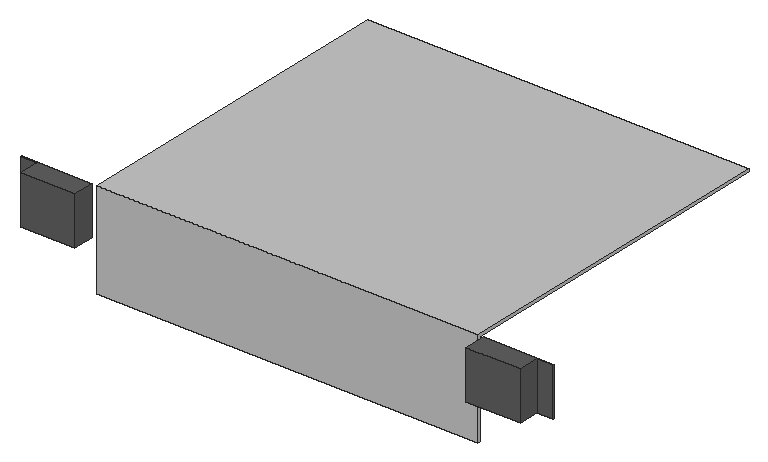
Revit family "HD", category Specialty Equipment, host Floor, Revit 2015
Parameters (values of type "6")
  URL = "http://sercoentrematic.com/"
  Model = "HD"
  Manufacturer = "Serco Entrematic"
  Description = "Hydraulic Heavy Capacity Leveler"
  LipExtension = 0' - 0"
  PitWidth = 6' - 1"
  PitLength = 5' - 3"
  PitDepthR = PitDepth - 0' 0 1/2"  # 1' - 11 1/2"
  PitDepth = 2' - 0"
  LipLength = 1' - 6"
  Curb = 0' - 3"
  Capacity = "60/80k"
Types (24): name | LipExtension | PitWidth | PitLength
  6 | 0' - 0" | 6' - 1" | 5' - 3"
  86 | 0' - 0" | 6' - 1" | 7' - 3"
  66.5 | 0' - 0" | 6' - 7" | 5' - 3"
  86.5 | 0' - 0" | 6' - 7" | 7' - 3"
  67 | 0' - 0" | 7' - 1" | 5' - 3"
  87 | 0' - 0" | 7' - 1" | 7' - 3"
  106 | 0' - 0" | 6' - 1" | 9' - 3"
  106.5 | 0' - 0" | 6' - 7" | 9' - 3"
  107 | 0' - 0" | 7' - 1" | 9' - 3"
  106 Barrier Lip | 0' - 5" | 6' - 1" | 9' - 3"
  106.5 Barrier Lip | 0' - 5" | 6' - 7" | 9' - 3"
  107 Barrier Lip | 0' - 5" | 7' - 1" | 9' - 3"
  6 Barrier Lip | 0' - 5" | 6' - 1" | 5' - 3"
  66.5 Barrier Lip | 0' - 5" | 6' - 7" | 5' - 3"
  67 Barrier Lip | 0' - 5" | 7' - 1" | 5' - 3"
  86 Barrier Lip | 0' - 5" | 6' - 1" | 7' - 3"
  86.5 Barrier Lip | 0' - 5" | 6' - 7" | 7' - 3"
  87 Barrier Lip | 0' - 5" | 7' - 1" | 7' - 3"
  126 | 0' - 0" | 6' - 1" | 11' - 3"
  126 Barrier Lip | 0' - 5" | 6' - 1" | 11' - 3"
  126.5 | 0' - 0" | 6' - 7" | 11' - 3"
  126.5 Barrier Lip | 0' - 5" | 6' - 7" | 11' - 3"
  127 | 0' - 0" | 7' - 1" | 11' - 3"
  127 Barrier Lip | 0' - 5" | 7' - 1" | 11' - 3"
Reference planes (in)
  plane 1 "Center (Front/Back)": y = 0
  plane 2: z = 0
  plane 3 "Center (Left/Right)": x = 0
  plane 4 "Lip Width": y = -59.5
  plane 5 "pit right": x = 36.5
  plane 6 "Pit left": x = -36.5
  plane 7 "pit rear": y = 3
  plane 8 "curb angle left": x = -39.5
  plane 9: x = -35.5
  plane 10 "curb angle right": x = 39.5
  plane 11: x = 35.5
  plane 12 "curb angle rear": y = 6
  plane 13 "Curb angle - Front": y = -57
  plane 14 "Edge of Dock": y = -60
  plane 15: z = -0.5
  plane 16: z = -23.5
  plane 17: z = -24
  plane 18: y = -9
  plane 19: y = -48
  plane 20 "Lip Length": z = -18
  plane 21: x = 57.5
  plane 22: x = -57.5
  plane 23: z = -3
  plane 24: z = -27
  plane 25: z = 0
  plane 26: z = 0
  plane 27: z = -12
  plane 28: x = 14
  plane 29: x = -46.625
  plane 30: x = -49.625
  plane 31: y = -64
  plane 32: y = -60.25
  plane 33: x = 46.625
  plane 34: x = 49.625
  plane 35: z = -9
Forms (in)
  Extrusion 1, void
    sketch origin (0, 0, 0) x (0, 1, 0) y (0, 0, 1)
      loop
        line (3, 0) -> (-60, 0) -> (-60, -24) -> (-48, -24) -> (-9, -23.5) -> (3, -23.5) -> (3, 0)
    from -36.5 to 36.5
  Extrusion 2, solid, material "Serco Diamond"
    sketch origin (0, 0, 0) x (1, 0, 0) y (0, 1, 0)
      loop
        line (-35.5, 3) -> (-35.5, -60) -> (35.5, -60) -> (35.5, 3) -> (-35.5, 3)
    from -0.5 to 0
  Extrusion 3, solid, material "Serco Diamond"
    sketch origin (0, 0, 0) x (1, 0, 0) y (0, 0, 1)
      loop
        line (-35.5, 0) -> (-35.5, -18) -> (35.5, -18) -> (35.5, 0) -> (-35.5, 0)
    from 59.5 to 60
  Extrusion 4, solid, material "BUMPER"
    sketch origin (0, 0, 0) x (-1, 0, 0) y (0, -1, 0)
      loop
        line (36.5, 60) -> (49.625, 60) -> (49.625, 60.25) -> (46.625, 60.25) -> (46.625, 64) -> (36.5, 64) -> (36.5, 60)
      loop
        line (-36.5, 60) -> (-36.5, 64) -> (-46.625, 64) -> (-46.625, 60.25) -> (-49.625, 60.25) -> (-49.625, 60) -> (-36.5, 60)
    from -9 to 0
Cuts and joins
  joined: Extrusion 2, Extrusion 3
Lines and regions (in)
  model lines
    curve 1: line (-39.5, 6, 0) -> (39.5, 6, 0)
    curve 2: line (39.5, 6, 0) -> (39.5, 3, 0)
    curve 3: line (39.5, 3, 0) -> (-39.5, 3, 0)
    curve 4: line (-39.5, 3, 0) -> (-39.5, 6, 0)
    curve 5: line (-39.5, 3, 0) -> (-39.5, -57, 0)
    curve 6: line (-36.5, -57, 0) -> (-36.5, 3, 0)
    curve 7: line (-36.5, -57, 0) -> (-57.5, -57, 0)
    curve 8: line (-57.5, -57, 0) -> (-57.5, -60, 0)
    curve 9: line (-57.5, -60, 0) -> (-36.5, -60, 0)
    curve 10: line (39.5, 3, 0) -> (39.5, -57, 0)
    curve 11: line (36.5, -57, 0) -> (36.5, 3, 0)
    curve 12: line (36.5, -60, 0) -> (57.5, -60, 0)
    curve 13: line (57.5, -60, 0) -> (57.5, -57, 0)
    curve 14: line (57.5, -57, 0) -> (36.5, -57, 0)
    curve 15: line (-57.5, -60, 0) -> (-57.5, -60, -3)
    curve 16: line (-57.5, -60, -3) -> (-36.5, -60, -3)
    curve 17: line (-36.5, -60, -3) -> (-36.5, -60, 0)
    curve 18: line (-39.5, -60, -3) -> (-39.5, -60, -27)
    curve 19: line (-39.5, -60, -24) -> (-36.5, -60, -24)
    curve 20: line (-39.5, -60, -27) -> (39.5, -60, -27)
    curve 21: line (39.5, -60, -27) -> (39.5, -60, -3)
    curve 22: line (36.5, -60, -24) -> (39.5, -60, -24)
    curve 23: line (36.5, -60, -24) -> (36.5, -60, 0)
    curve 24: line (36.5, -60, -3) -> (57.5, -60, -3)
    curve 25: line (57.5, -60, -3) -> (57.5, -60, 0)
    curve 26: line (-36.5, -60, -3) -> (-36.5, -60, -24)
    curve 27: line (-36.5, -60, -24) -> (36.5, -60, -24)
    curve 28: line (-36.5, -57, 0) -> (-36.5, -60, 0)
    curve 29: line (36.5, -57, 0) -> (36.5, -60, 0)
Dimensions and locks (in)
  equal spacing: host sketch curve, plane 1 "Center (Front/Back)", host sketch curve
  equal spacing: host sketch curve, plane 3 "Center (Left/Right)", host sketch curve
  host sketch curve to host sketch curve = 10' - 0"  (x2)
  equal spacing: plane 6 "Pit left", plane 3 "Center (Left/Right)", plane 5 "pit right"
  "PitWidth": plane 6 "Pit left" to plane 5 "pit right"
  "PitLength": plane 14 "Edge of Dock" to plane 7 "pit rear"
  "Curb": plane 8 "curb angle left" to plane 6 "Pit left"
  locked: plane 6 "Pit left" to plane 9 at 1
  locked: plane 11 to plane 5 "pit right" at 1
  "Curb": plane 5 "pit right" to plane 10 "curb angle right"
  "Curb": plane 7 "pit rear" to plane 12 "curb angle rear"
  "Curb": plane 14 "Edge of Dock" to plane 13 "Curb angle - Front"
  "PitDepthR": level to plane 16
  "PitDepth": level to plane 17
  locked: plane 7 "pit rear" to plane 18 at 12
  locked: plane 19 to plane 14 "Edge of Dock" at 12
  "LipLength": level to plane 20 "Lip Length"
  locked: plane 22 to plane 6 "Pit left" at 21
  locked: plane 5 "pit right" to plane 21 at 21
  "LipExtension": plane 26 to level
  locked: plane 24 to plane 17 at 3
  locked: level to plane 15 at 0.5
  locked: plane 14 "Edge of Dock" to plane 4 "Lip Width" at 0.5
  locked: plane 3 "Center (Left/Right)" to plane 28 at 14
  locked: level to plane 27 at 12
  locked: connector elem to plane 7 "pit rear" at 9
  locked: plane 16 to connector elem at 5
  locked: curve 9 to plane 32 at 0.25
  locked: plane 31 to curve 9 at 4
  locked: plane 29 to plane 6 "Pit left" at 10.125
  locked: plane 30 to plane 6 "Pit left" at 13.125
  locked: plane 5 "pit right" to plane 33 at 10.125
  locked: plane 5 "pit right" to plane 34 at 13.125
  locked: level to plane 35 at 9
  aligned and locked: level to plane 2
  aligned and locked: plane 14 "Edge of Dock" to host floor
  aligned and locked: plane 19 to Extrusion 1 sketch curve
  aligned and locked: plane 16 to Extrusion 1 sketch curve
  aligned and locked: Extrusion 1 sketch curve to plane 18
  aligned and locked: plane 17 to Extrusion 1 sketch curve
  aligned and locked: Extrusion 1 sketch curve to plane 14 "Edge of Dock"
  aligned and locked: Extrusion 1 to plane 6 "Pit left"
  aligned and locked: Extrusion 1 to plane 5 "pit right"
  aligned and locked: plane 7 "pit rear" to Extrusion 2 sketch curve
  aligned and locked: Extrusion 2 sketch curve to plane 9
  aligned and locked: Extrusion 2 sketch curve to plane 14 "Edge of Dock"
  aligned and locked: Extrusion 2 to plane 15
  aligned and locked: level to Extrusion 2
  aligned and locked: Extrusion 3 sketch curve to Extrusion 2
  aligned and locked: plane 20 "Lip Length" to Extrusion 3 sketch curve
  aligned and locked: Extrusion 3 sketch curve to plane 11
  aligned and locked: Extrusion 3 to plane 14 "Edge of Dock"
  aligned and locked: Extrusion 3 to plane 4 "Lip Width"
  aligned and locked: Extrusion 2 sketch curve to plane 11
  aligned and locked: curve 7 to plane 13 "Curb angle - Front"
  aligned and locked: curve 8 to plane 22
  aligned and locked: curve 5 to plane 8 "curb angle left"
  aligned and locked: plane 6 "Pit left" to curve 6
  aligned and locked: curve 3 to plane 7 "pit rear"
  aligned and locked: plane 12 "curb angle rear" to curve 1
  aligned and locked: curve 2 to plane 10 "curb angle right"
  aligned and locked: plane 5 "pit right" to curve 11
  aligned and locked: curve 10 to plane 10 "curb angle right"
  aligned and locked: curve 14 to plane 13 "Curb angle - Front"
  aligned and locked: plane 14 "Edge of Dock" to curve 12
  aligned and locked: curve 13 to plane 21
  aligned and locked: plane 24 to curve 18
  aligned and locked: plane 23 to curve 16
  aligned and locked: curve 15 to plane 22
  aligned and locked: plane 6 "Pit left" to curve 17
  aligned and locked: curve 22 to plane 5 "pit right"
  aligned and locked: curve 21 to plane 10 "curb angle right"
  aligned and locked: curve 22 to plane 17
  aligned and locked: curve 25 to plane 21
  aligned and locked: curve 19 to curve 27
  aligned and locked: plane 14 "Edge of Dock" to curve 9
  aligned and locked: plane 26 to Extrusion 3 sketch curve
  aligned and locked: plane 23 to curve 24
  aligned and locked: plane 24 to curve 20
  aligned and locked: cut or joined group of Extrusion 2, Extrusion 3 to plane 7 "pit rear"  (x2)
  aligned and locked: plane 32 to Extrusion 4 sketch curve
  aligned and locked: Extrusion 4 sketch curve to curve 9
  aligned and locked: Extrusion 4 sketch curve to plane 29
  aligned and locked: plane 31 to Extrusion 4 sketch curve
  aligned and locked: Extrusion 4 sketch curve to plane 30
  aligned and locked: Extrusion 4 sketch curve to plane 6 "Pit left"
  aligned and locked: Extrusion 4 sketch curve to plane 33
  aligned and locked: Extrusion 4 sketch curve to plane 34
  aligned and locked: Extrusion 4 sketch curve to curve 12
  aligned and locked: Extrusion 4 sketch curve to plane 5 "pit right"
  aligned and locked: Extrusion 4 sketch curve to plane 31
  aligned and locked: Extrusion 4 sketch curve to plane 32
  aligned and locked: plane 35 to Extrusion 4
  aligned and locked: level to Extrusion 4
Automatic sketch dimensions
  Extrusion 1 sketch curve to level = 0' - 0"
  Extrusion 1 sketch curve to plane 7 "pit rear" = 0' - 0"
  plane 8 "curb angle left" to curve 20 = 0' - 0"
  curve 25 to level = 0' - 0"
  plane 21 to curve 25 = 0' - 0"
  curve 27 to plane 17 = 0' - 0"
  curve 16 to plane 23 = 0' - 0"
  curve 23 to level = 0' - 0"
  curve 17 to level = 0' - 0"
  curve 15 to level = 0' - 0"
Connectors (in)
  electrical at (36.5, -6, -18.5)
    settings: on plane 5 "pit right", index 1, voltage 120 V, apparent load 0 VA, apparent load phase1 0 VA, apparent load phase2 0 VA, apparent load phase3 0 VA, power factor 1, load classification "Other", number of poles 1, system type 31, power factor state 1, is connector primary yes, connector utility no, sub classification motor no, connector description ""
